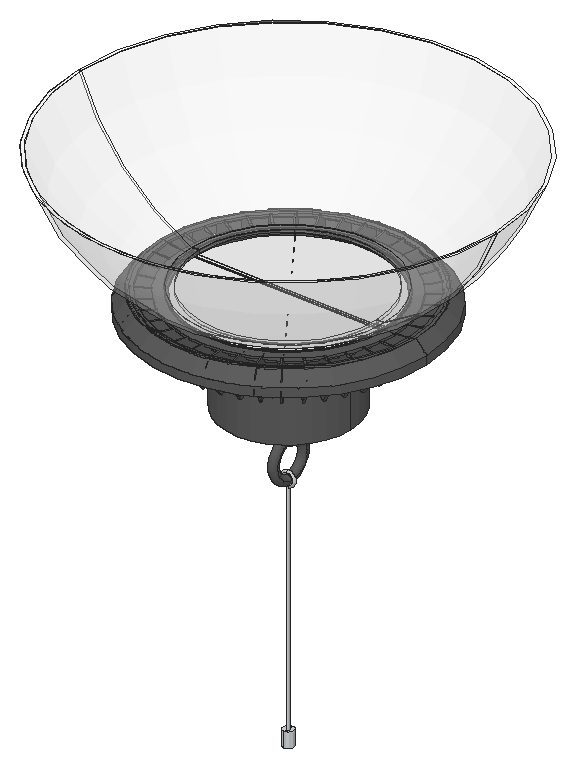
Revit family "0039344+0039358 Feilo Sylvania Lighting Fixture START HIGHBAY 4K 13KLM MEDIUM with PC LAMPSHADE TRANSPARENT 13_19KLM", category Lighting Fixtures, host Face, Revit 2017
Family settings
  Host = Face
  Round Connector Dimension = Use Diameter
  Part Type = Normal
  OmniClass Number = 23.80.70.00
  OmniClass Title = Lighting
  Cut with Voids When Loaded = No
  Light Source = Yes
  Shared = No
  Room Calculation Point = No
Parameters (values of type "0039344+0039358 START HIGHBAY 4K 13KLM MEDIUM PC LAMPSHADE TRANSPARENT 13/19KLM")
  WidthStraight_FEILO = if(SizeS_FEILO, 3 mm, if(SizeM_FEILO, 4 mm, 4.7 mm))  # 3 mm
  WidthRingChamfer_FEILO = if(SizeS_FEILO, 10.3 mm, if(SizeM_FEILO, 11.2 mm, 12.9 mm))  # 10.3 mm
  WidthCurved_FEILO = if(SizeS_FEILO, 17.4 mm, if(SizeM_FEILO, 16.4 mm, 26.2 mm))  # 17.4 mm
  WidthCurvedRing_FEILO = if(SizeS_FEILO, 3 mm, if(SizeM_FEILO, 4 mm, 4.7 mm))  # 3 mm
  WidthBracket_FEILO = 40 mm
  Weight = "3.0 kg"
  Wattage Comments = ""
  Wattage = 100 W
  WarrantyStartDate [instance] = "n/a"
  WarrantyGuarantorParts = "n/a"
  WarrantyDurationUnit = "n/a"
  WarrantyDurationParts = "n/a"
  WarrantyDescription = "n/a"
  built-in parameter 1150110 = 1 (stored number, unit not read)
  Voltage = 230 V
  VisibilityBracket_FEILO = no
  URL = "http://www.sylvania-lighting.com"
  TypeName = "START HIGHBAY 4K 13KLM MEDIUM PC LAMPSHADE TRANSPARENT 13/19KLM"
  Type Image = <None>
  Type Comments = "n/a"
  built-in parameter 1114217 = 1 (stored number, unit not read)
  Tilt Angle = -90.00°
  ThicknessWall_FEILO = 1.5 mm
  ThicknessBracket_FEILO = 1.5 mm
  ThicknessBracketHalf_FEILO = ThicknessBracket_FEILO / 2  # 0.75 mm
  built-in parameter 1150109 = 1 (stored number, unit not read)
  built-in parameter 1150134 = 12
  SuspensionHeight_FEILO [instance] = 400 mm
  built-in parameter 1150113 = 1 (stored number, unit not read)
  SizeS_FEILO = yes
  SizeM_FEILO = no
  ShadeThickness_FEILO = 3 mm
  ShadeSizeSM_FEILO = or(SizeS_FEILO, SizeM_FEILO)  # yes
  ShadeRadiusOut_FEILO = 205 mm
  ShadeRadiusIn_FEILO = if(ShadeSizeSM_FEILO, 95 mm, 121 mm)  # 95 mm
  ShadeRadiusBend_FEILO = if(ShadeSizeSM_FEILO, 210 mm, 210 mm)  # 210 mm
  ShadeHeight_FEILO = if(ShadeSizeSM_FEILO, 120 mm, 151 mm)  # 120 mm
  SerialNumber [instance] = "n/a"
  Rib4_FEILO = if(SizeS_FEILO, 18.1 mm, if(SizeM_FEILO, 13.6 mm, 14.6 mm))  # 18.1 mm
  Rib3_FEILO = if(SizeS_FEILO, 15.3 mm, if(SizeM_FEILO, 17.6 mm, 20.2 mm))  # 15.3 mm
  Rib2_FEILO = if(SizeS_FEILO, 3.6 mm, if(SizeM_FEILO, 3.9 mm, 4.5 mm))  # 3.6 mm
  Rib1_FEILO = if(SizeS_FEILO, 15.1 mm, if(SizeM_FEILO, 16.5 mm, 19 mm))  # 15.1 mm
  RadiusDiffuser_FEILO = if(SizeS_FEILO, 95.2 mm, if(SizeM_FEILO, 105.3 mm, 120 mm))  # 95.2 mm
  RadiusArrayPost_FEILO = DriverRadius_FEILO - 6 mm  # 55.4 mm
  RHRadius3_FEILO = if(SizeS_FEILO, 6.6 mm, if(SizeM_FEILO, 7.4 mm, 8.6 mm))  # 6.6 mm
  RHRadius2_FEILO = if(SizeS_FEILO, 11 mm, if(SizeM_FEILO, 12 mm, 14 mm))  # 11 mm
  RHRadius1_FEILO = if(SizeS_FEILO, 13.6 mm, if(SizeM_FEILO, 14.9 mm, 17.7 mm))  # 13.6 mm
  RHHeight4_FEILO = if(SizeS_FEILO, 7.3 mm, if(SizeM_FEILO, 8 mm, 9.2 mm))  # 7.3 mm
  RHHeight3_FEILO = if(SizeS_FEILO, 3.6 mm, if(SizeM_FEILO, 3.7 mm, 4.6 mm))  # 3.6 mm
  RHHeight2_FEILO = if(SizeS_FEILO, 2 mm, if(SizeM_FEILO, 2.2 mm, 2.6 mm))  # 2 mm
  RHHeight1_FEILO = if(SizeS_FEILO, 11.8 mm, if(SizeM_FEILO, 15.3 mm, 17.4 mm))  # 11.8 mm
  Photometric Web File = "0039344+0039358.ies"
  Material_5_FEILO = Shade-Sylvania-StartHighbay-PC
  Material_3_FEILO = LED-Sylvania-StartHighbay-Glow
  PowerFactor = 0.95
  PowerConsumption = "100 W"
  NominalLength = 270 mm
  NominalHeight = 170 mm
  NominalDepth = 270 mm
  Name = "START HIGHBAY 4K 13KLM MEDIUM PC LAMPSHADE TRANSPARENT 13/19KLM"
  ModelReference = Name  # "START HIGHBAY 4K 13KLM MEDIUM PC LAMPSHADE TRANSPARENT 13/19KLM"
  ModelNumber = "0039344+0039358"
  Model = Name  # "START HIGHBAY 4K 13KLM MEDIUM PC LAMPSHADE TRANSPARENT 13/19KLM"
  Material = "aluminium alloy housing, polycarbonate diffuser"
  ManufacturerName = "Feilo Sylvania"
  Manufacturer = "Feilo Sylvania"
  LuminousEfficacy = "130 lm/W"
  built-in parameter 1150105 = 17571.2 (stored number, unit not read)
  Lumens = 13000 lm
  LuminaireType = ""
  built-in parameter 1150115 = 1 (stored number, unit not read)
  LightOutputRatio = "n/a"
  built-in parameter 1150137 = (empty or 0)
  built-in parameter 1150139 = (empty or 0)
  LampsType = Lamp  # "LED"
  LampNominalLuminous = "13000 lm"
  LampMacAdamStep = "n/a"
  LampColourTemperature = "4000 K"
  LampColourRenderingIndex = "80"
  built-in parameter 1150112 = 1 (stored number, unit not read)
  built-in parameter 1150114 = 1 (stored number, unit not read)
  Lamp = "LED"
  Keynote = "16500"
  InstallationDate [instance] = "n/a"
  InputVoltage = "220-240V~"
  InputNominalFrequency = "50/60 Hz"
  built-in parameter 1150132 = (empty or 0)
  built-in parameter 1150102 = (empty or 0)
  built-in parameter 1150107 = 4000 (stored number, unit not read)
  built-in parameter 1150138 = (empty or 0)
  IngressProtection = "IP65"
  ImpactProtectionIndex = "IK08"
  built-in parameter 1150106 = 175.71 (stored number, unit not read)
  IfcExportType = "IfcLightFixtureType"
  IfcExportAs = "IfcLightFixtureType"
  HeightRing_FEILO = if(SizeS_FEILO, 19.8 mm, if(SizeM_FEILO, 32 mm, 36.8 mm))  # 19.8 mm
  HeightRingChamfer_FEILO = if(SizeS_FEILO, 11.7 mm, if(SizeM_FEILO, 23.2 mm, 26.6 mm))  # 11.7 mm
  EyeThickness_FEILO = if(SizeS_FEILO, 8.4 mm, if(SizeM_FEILO, 9.2 mm, 10.5 mm))  # 8.4 mm
  EyeThicknessHalf_FEILO = EyeThickness_FEILO / 2  # 4.2 mm
  EyeInner_FEILO = if(SizeS_FEILO, 13.8 mm, if(SizeM_FEILO, 15.1 mm, 17.3 mm))  # 13.8 mm
  ExpectedLife = 50000
  Emit from Circle Diameter = RadiusDiffuser_FEILO * 2  # 190.4 mm
  Emit Shape Visible in Rendering = no
  ElectricShockClassification = "Class I"
  built-in parameter 1150104 = 12.077 (stored number, unit not read)
  DurationUnit = "hours"
  DriverVerticalStraight_FEILO = if(SizeS_FEILO, 46.5 mm, if(SizeM_FEILO, 49.7 mm, 57 mm))  # 46.5 mm
  DriverVerticalChamfer_FEILO = if(SizeS_FEILO, 7.5 mm, if(SizeM_FEILO, 8.2 mm, 9.5 mm))  # 7.5 mm
  DriverRadius_FEILO = if(SizeS_FEILO, 61.4 mm, if(SizeM_FEILO, 67.2 mm, 76.4 mm))  # 61.4 mm
  DriverRadiusTop_FEILO = if(SizeS_FEILO, 42 mm, if(SizeM_FEILO, 45.3 mm, 52.4 mm))  # 42 mm
  DriverBottom_FEILO = if(SizeS_FEILO, 56 mm, if(SizeM_FEILO, 64.5 mm, 74 mm))  # 56 mm
  DocumentationLiterature = "http://www.sylvania-lighting.com/product/en-int/products/0039344"
  DimmingControlOptions = "n/a"
  Material_2_FEILO = Diffuser-Sylvania-StartHighbay-Transparent
  Radius_FEILO = if(SizeS_FEILO, 135 mm, if(SizeM_FEILO, 148 mm, 169.5 mm))  # 135 mm
  Dimming Lamp Color Temperature Shift = <None>
  DiameterWire_FEILO = 3 mm
  DiameterWireSupport_FEILO = 10 mm
  Description = "START HIGHBAY, includes 1 m cables, black aluminium housing, 13000LM, 100W, 130lm/W, 4000K, Driver current: 2140mA, CR80, 60° beam angle, 1-10V dimmable,  IP65, IK08, 50,000 hrs (L70B50), (LxWxH) 270x270x170mm"
  Default Elevation = 1219.2 mm
  CreatedOn = "2/28/2018"
  CreatedBy = ""
  Cost = 0
  Color Filter = 16777215
  built-in parameter 1114216 [instance] = (empty or 0)
  ClassificationValue = "EF_70_80"
  ClassificationName = "Uniclass2015"
  Material_1_FEILO = Body-Sylvania-StartHighbay-Black
  BarCode [instance] = "n/a"
  built-in parameter 1114218 = 1 (stored number, unit not read)
  built-in parameter 1150133 = 10 (stored number, unit not read)
  AssetType = "Fixed"
  AssetIdentifier [instance] = "n/a"
  Assembly Code = "D5020200"
  Apparent Load = 100 VA
  Material_4_FEILO = Shade-Sylvania-StartHighbay-PC
Reference planes
  plane 1 "Center (Front/Back)": y = 0
  plane 2: z = 0
  plane 3 "Center (Left/Right)": x = 0
  plane 4: z = 400
  plane 5: x = -135
  plane 6: x = -124.7
  plane 7: z = 388.3
  plane 8: z = 380.2
  plane 9: x = -121.7
  plane 10: z = 397.375
  plane 11: x = -104.3
  plane 12: x = -95.2
  plane 13: x = -118.7
  plane 14: z = 398.375
  plane 15: z = 396.375
  plane 16: x = -92.2
  plane 17: z = 395.375
  plane 18: x = -133.5
  plane 19: x = -119.9
  plane 20: z = 376.6
  plane 21: x = -104.6
  plane 22: z = 358.5
  plane 23: x = -20
  plane 24: z = 344
  plane 25: x = -61.4
  plane 26: z = 297.5
  plane 27: x = -42
  plane 28: z = 290
  plane 29: x = -13.6
  plane 30: z = 278.2
  plane 31: z = 276.2
  plane 32: x = -11
  plane 33: z = 272.6
  plane 34: z = 265.3
  plane 35: x = -6.6
  plane 36: z = 251.5
  plane 37: z = 237.7
  plane 38: x = 4.2
  plane 39: x = -4.2
  plane 40: z = 229.3
  plane 41: z = 233.5
  plane 42: x = -129.1
  plane 43: x = -132.5
  plane 44: z = 378.7
  plane 45: x = -123.2
  plane 46: z = 320.75
  plane 47: y = -20
  plane 48: y = 20
  plane 49: x = 135
  plane 50: x = 124.7
  plane 51: x = 133.5
  plane 52: x = 129.1
  plane 53: x = 132.5
  plane 54: x = 123.2
  plane 55: z = 240.7
  plane 56: y = 1.5
  plane 57: y = -1.5
  plane 58: z = 239.2
  plane 59: z = 227.8
  plane 60: z = 226.3
  plane 61: y = -5
  plane 62: y = 5
  plane 63: z = 14
  plane 64: x = -205
  plane 65: z = 520
  plane 66: x = -95
  plane 67: x = -87
  plane 68: x = -202
  plane 69: z = 403
Forms (mm)
  Revolve 1, solid, material "Body-Sylvania-StartHighbay-Black" <- "Material_1_FEILO", detail levels medium+fine
    sketch origin (0, 0, 0) x (1, 0, 0) y (0, 0, 1)
      loop
        line (-135, 380.2) -> (-133.5, 380.2) -> (-133.5, 387.734) -> (-125.012, 397.375) -> (-118.7, 397.375) -> (-118.7, 399.16)
        arc (-118.7, 399.16) -> (-120.206, 399.56) -> (-121.7, 400) r 58.981
        line (-121.7, 400) -> (-124.241, 400)
        arc (-124.241, 400) -> (-124.657, 399.911) -> (-124.999, 399.66) r 1.015
        line (-124.999, 399.66) -> (-135, 388.3) -> (-135, 380.2)
      axis (0, 400) -> (0, 380.2)
    angle from 360 to 0
  Revolve 2, solid, material "Body-Sylvania-StartHighbay-Black" <- "Material_1_FEILO", detail levels medium+fine
    sketch origin (0, 0, 0) x (1, 0, 0) y (0, 0, 1)
      loop
        line (-104.3, 395.375) -> (-95.2, 395.375) -> (-95.2, 388.3) -> (0, 388.3) -> (0, 395.375) -> (-92.2, 395.375) -> (-92.2, 396.375) -> (-95.2, 396.375) -> (-95.2, 397.375) -> (-104.3, 397.375) -> (-104.3, 395.375)
      axis (0, 397.375) -> (0, 388.3)
    angle from 360 to 0
  Revolve 3, solid, material "Diffuser-Sylvania-StartHighbay-Transparent" <- "Material_2_FEILO", detail levels medium+fine
    sketch origin (0, 0, 0) x (1, 0, 0) y (0, 0, 1)
      loop
        line (-95.2, 396.375) -> (0, 396.375) -> (0, 398.375) -> (-95.2, 398.375) -> (-95.2, 396.375)
      axis (0, 398.375) -> (0, 396.375)
    angle from 360 to 0
  Revolve 4, solid, material "Body-Sylvania-StartHighbay-Black" <- "Material_1_FEILO"
    sketch origin (0, 0, 0) x (1, 0, 0) y (0, 0, 1)
      loop
        line (-61.4, 358.5) -> (-61.4, 297.5) -> (-42, 290) -> (-13.6, 290) -> (-13.6, 278.2) -> (-11, 276.2) -> (-11, 272.6) -> (-7.037, 266.026)
        arc (-7.037, 266.026) -> (-6.49, 265.494) -> (-5.753, 265.3) r 1.5
        line (-5.753, 265.3) -> (0, 265.3) -> (0, 358.5) -> (-61.4, 358.5)
      axis (0, 358.5) -> (0, 265.3)
    angle from 360 to 0
  Revolve 5, solid, material "Body-Sylvania-StartHighbay-Black" <- "Material_1_FEILO"
    sketch origin (0, 0, 0) x (1, 0, 0) y (0, 0, 1)
      loop
        circle (0, 233.5) r 4.2
      axis (4.2, 251.5) -> (-4.2, 251.5)
    angle from 360 to 0
  Extrusion 6, solid, material "Body-Sylvania-StartHighbay-Black" <- "Material_1_FEILO", visible <- "VisibilityBracket_FEILO"
    sketch origin (0, 0, 0) x (1, 0, 0) y (0, 0, 1)
      loop
        line (-132.5, 380.2) -> (-132.5, 378.7) -> (-125.45, 378.7)
        arc (-125.45, 378.7) -> (-124.92, 378.48) -> (-124.7, 377.95) r 0.75
        line (-124.7, 377.95) -> (-124.7, 320.75) -> (-123.2, 320.75) -> (-123.2, 378.7)
        arc (-123.2, 378.7) -> (-123.639, 379.761) -> (-124.7, 380.2) r 1.5
        line (-124.7, 380.2) -> (-132.5, 380.2)
      loop
        line (132.5, 380.2) -> (124.7, 380.2)
        arc (124.7, 380.2) -> (123.639, 379.761) -> (123.2, 378.7) r 1.5
        line (123.2, 378.7) -> (123.2, 320.75) -> (124.7, 320.75) -> (124.7, 377.95)
        arc (124.7, 377.95) -> (124.92, 378.48) -> (125.45, 378.7) r 0.75
        line (125.45, 378.7) -> (132.5, 378.7) -> (132.5, 380.2)
    from -20 to 20
  Extrusion 7, void
    sketch origin (0, 0, 0) x (0, 1, 0) y (0, 0, 1)
      loop
        arc (-10, 320.75) -> (-17.071, 323.679) -> (-20, 330.75) r 10
        line (-20, 330.75) -> (-25, 330.75) -> (-25, 315.75) -> (-10, 315.75) -> (-10, 320.75)
      loop
        line (10, 320.75) -> (10, 315.75) -> (25, 315.75) -> (25, 330.75) -> (20, 330.75)
        arc (20, 330.75) -> (17.071, 323.679) -> (10, 320.75) r 10
    from -124.7 to 124.7
  Revolve 8, solid, material "Body-Sylvania-StartHighbay-Black" <- "Material_1_FEILO", detail levels coarse
    sketch origin (0, 0, 0) x (1, 0, 0) y (0, 0, 1)
      loop
        line (0, 400) -> (-124.7, 400) -> (-135, 388.3) -> (-135, 380.2) -> (-119.9, 380.2) -> (-119.9, 376.6) -> (-104.6, 358.5) -> (0, 358.5) -> (0, 400)
      axis (0, 400) -> (0, 358.5)
    angle from 360 to 0
  Revolve 9, solid
    sketch origin (0, 0, 0) x (0, 1, 0) y (0, 0, 1)
      loop
        circle (0, 239.2) r 1.5
      axis (1.5, 233.5) -> (-1.5, 233.5)
    angle from 360 to 0
  Revolve 10, solid
    sketch origin (0, 0, 0) x (0, 1, 0) y (0, 0, 1)
      loop
        line (0, 0) -> (0, 227.8) -> (-1.5, 227.8) -> (-1.5, 14) -> (-5, 14) -> (-5, 0) -> (0, 0)
      axis (0, 0) -> (0, 227.8)
    angle from 360 to 0
  Revolve 11, solid, material "Shade-Sylvania-StartHighbay-PC" <- "Material_4_FEILO"
    sketch origin (0, 0, 0) x (1, 0, 0) y (0, 0, 1)
      loop
        line (-95, 400) -> (-87, 400) -> (-87, 403) -> (-94.341, 403)
        arc (-94.341, 403) -> (-159.747, 450.78) -> (-201.81, 520) r 207
        line (-201.81, 520) -> (-205, 520)
        arc (-205, 520) -> (-162.101, 448.908) -> (-95, 400) r 210
      axis (0, 520) -> (0, 400)
    angle from 360 to 0
Cuts and joins
  Extrusion 7 cuts Extrusion 6
Lines and regions (mm)
  reference lines
    curve 1: line (-135, 0, 388.3) -> (-124.7, 0, 400)
    curve 2: line (-104.3, 0, 397.375) -> (0, 0, 397.375)
    curve 3: arc (-104.3, 0, 397.375) -> (-113.098, 0, 398.035) -> (-121.7, 0, 400) r 58.981
    curve 4: line (-124.7, 0, 400) -> (-121.7, 0, 400)
    curve 5: line (-125.012, 0, 397.375) -> (-133.5, 0, 387.734)
    curve 6: line (-119.9, 0, 376.6) -> (-104.6, 0, 358.5)
    curve 7: line (-11, 0, 272.6) -> (-6.6, 0, 265.3)
    curve 8: circle (0, 0, 233.5) r 4.2 normal (0, -1, 0)
    curve 9: arc (-95, 0, 400) -> (-162.101, 0, 448.908) -> (-205, 0, 520) r 210
Dimensions and locks
  "Radius_FEILO": plane 3 "Center (Left/Right)" to plane 5
  "WidthRingChamfer_FEILO": plane 6 to plane 5
  "WidthStraight_FEILO": plane 9 to plane 6
  "WidthCurvedRing_FEILO": plane 13 to plane 9
  locked: plane 10 to plane 15 at 1
  locked: plane 14 to plane 10 at 1
  locked: plane 4 to plane 10 at 2.625
  locked: plane 15 to plane 17 at 1
  "ThicknessWall_FEILO": plane 18 to plane 5
  "ThicknessWall_FEILO": curve 5 to curve 1
  "HeightRingChamfer_FEILO": plane 4 to plane 7
  "HeightRing_FEILO": plane 4 to plane 8
  "RadiusDiffuser_FEILO": plane 3 "Center (Left/Right)" to plane 12
  locked: plane 16 to plane 12 at 3
  "WidthCurved_FEILO": plane 11 to plane 9
  "SuspensionHeight_FEILO": plane 4 to plane 2
  "Rib1_FEILO": plane 19 to plane 5
  "Rib2_FEILO": plane 8 to plane 20
  "Rib3_FEILO": plane 21 to plane 19
  "Rib4_FEILO": plane 20 to plane 22
  locked: plane 3 "Center (Left/Right)" to plane 23 at 20
  "DriverBottom_FEILO": plane 4 to plane 24
  "DriverRadius_FEILO": plane 3 "Center (Left/Right)" to plane 25
  "DriverVerticalStraight_FEILO": plane 24 to plane 26
  "DriverRadiusTop_FEILO": plane 3 "Center (Left/Right)" to plane 27
  "DriverVerticalChamfer_FEILO": plane 26 to plane 28
  "RHRadius1_FEILO": plane 3 "Center (Left/Right)" to plane 29
  "RHHeight2_FEILO": plane 30 to plane 31
  "RHRadius2_FEILO": plane 3 "Center (Left/Right)" to plane 32
  "RHHeight3_FEILO": plane 31 to plane 33
  "RHHeight4_FEILO": plane 33 to plane 34
  "RHRadius3_FEILO": plane 3 "Center (Left/Right)" to plane 35
  "RHHeight1_FEILO": plane 28 to plane 30
  "EyeInner_FEILO": plane 34 to plane 36
  "EyeInner_FEILO": plane 36 to plane 37
  equal spacing: plane 38, plane 3 "Center (Left/Right)", plane 39
  "EyeThickness_FEILO": plane 38 to plane 39
  "EyeThickness_FEILO": plane 37 to plane 40
  equal spacing: plane 37, plane 41, plane 40
  equal spacing: plane 6, plane 42, plane 18
  "ThicknessBracket_FEILO": plane 45 to plane 6
  "ThicknessBracket_FEILO": plane 8 to plane 44
  locked: plane 43 to plane 18 at 1
  equal spacing: plane 24, plane 46, plane 26
  equal spacing: plane 47, plane 1 "Center (Front/Back)", plane 48
  "WidthBracket_FEILO": plane 47 to plane 48
  "WidthRingChamfer_FEILO": plane 50 to plane 49
  "ThicknessWall_FEILO": plane 51 to plane 49
  equal spacing: plane 50, plane 52, plane 51
  "ThicknessBracket_FEILO": plane 54 to plane 50
  locked: plane 53 to plane 51 at 1
  "Radius_FEILO": plane 49 to plane 3 "Center (Left/Right)"
  equal spacing: plane 57, imposter light, plane 56
  "DiameterWire_FEILO": plane 57 to plane 56
  "DiameterWire_FEILO": plane 37 to plane 55
  equal spacing: plane 37, plane 58, plane 55
  "DiameterWire_FEILO": plane 60 to plane 40
  equal spacing: plane 60, plane 59, plane 40
  equal spacing: plane 61, plane 1 "Center (Front/Back)", plane 62
  "DiameterWireSupport_FEILO": plane 61 to plane 62
  locked: plane 63 to plane 2 at 14
  "ShadeRadiusOut_FEILO": plane 3 "Center (Left/Right)" to plane 64
  "ShadeHeight_FEILO": plane 65 to plane 4
  "ShadeRadiusIn_FEILO": plane 3 "Center (Left/Right)" to plane 66
  locked: plane 67 to plane 66 at 8
  "ShadeThickness_FEILO": plane 69 to plane 4
  "ShadeThickness_FEILO": plane 68 to plane 64
  "EyeThicknessHalf_FEILO": radius of curve 8
  "ThicknessBracket_FEILO": radius of Extrusion 6 sketch curve  (x2)
  "ThicknessBracketHalf_FEILO": radius of Extrusion 6 sketch curve  (x2)
  "DiameterWire_FEILO": diameter of Revolve 9 sketch curve
  "ShadeRadiusBend_FEILO": radius of curve 9
  aligned and locked: plane 2 to host face
  aligned and locked: level to host face
  aligned and locked: plane 5 to curve 1
  aligned and locked: plane 6 to curve 1
  aligned and locked: plane 7 to curve 1
  aligned and locked: plane 10 to curve 2
  aligned and locked: plane 9 to curve 3
  aligned and locked: plane 4 to curve 3
  aligned and locked: plane 11 to curve 3
  aligned and locked: plane 4 to curve 4
  aligned and locked: plane 18 to curve 5
  aligned and locked: plane 10 to curve 5
  aligned and locked: Revolve 1 sketch curve to plane 3 "Center (Left/Right)"
  aligned and locked: Revolve 1 sketch curve to curve 3
  aligned and locked: Revolve 1 sketch curve to curve 1
  aligned and locked: plane 4 to Revolve 1 sketch curve
  aligned and locked: plane 9 to Revolve 1 sketch curve
  aligned and locked: Revolve 1 sketch curve to plane 13
  aligned and locked: Revolve 1 sketch curve to plane 10
  aligned and locked: plane 13 to Revolve 1 sketch curve
  aligned and locked: plane 10 to Revolve 1 sketch curve
  aligned and locked: Revolve 1 sketch curve to plane 18
  aligned and locked: Revolve 1 sketch curve to plane 8
  aligned and locked: plane 5 to Revolve 1 sketch curve  (x2)
  aligned and locked: Revolve 2 sketch curve to plane 3 "Center (Left/Right)"
  aligned and locked: plane 11 to Revolve 2 sketch curve
  aligned and locked: Revolve 2 sketch curve to curve 2
  aligned and locked: plane 15 to Revolve 2 sketch curve
  aligned and locked: Revolve 2 sketch curve to plane 16
  aligned and locked: plane 17 to Revolve 2 sketch curve  (x2)
  aligned and locked: Revolve 2 sketch curve to plane 12
  aligned and locked: plane 7 to Revolve 2 sketch curve
  aligned and locked: Revolve 3 sketch curve to plane 3 "Center (Left/Right)"
  aligned and locked: Revolve 3 sketch curve to plane 14
  aligned and locked: plane 3 "Center (Left/Right)" to Revolve 3 sketch curve
  aligned and locked: Revolve 3 sketch curve to plane 12
  aligned and locked: plane 15 to Revolve 3 sketch curve
  aligned and locked: Revolve 1 sketch curve to curve 5
  aligned and locked: plane 22 to curve 6
  aligned and locked: plane 21 to curve 6
  aligned and locked: plane 20 to curve 6
  aligned and locked: plane 19 to curve 6
  aligned and locked: plane 33 to curve 7
  aligned and locked: plane 32 to curve 7
  aligned and locked: plane 35 to curve 7
  aligned and locked: plane 34 to curve 7
  aligned and locked: Revolve 4 sketch curve to plane 3 "Center (Left/Right)"
  aligned and locked: Revolve 4 sketch curve to plane 25
  aligned and locked: plane 27 to Revolve 4 sketch curve
  aligned and locked: plane 28 to Revolve 4 sketch curve
  aligned and locked: plane 30 to Revolve 4 sketch curve
  aligned and locked: Revolve 4 sketch curve to plane 29
  aligned and locked: plane 31 to Revolve 4 sketch curve
  aligned and locked: Revolve 4 sketch curve to curve 7
  aligned and locked: Revolve 4 sketch curve to plane 32
  aligned and locked: plane 34 to Revolve 4 sketch curve
  aligned and locked: plane 3 "Center (Left/Right)" to Revolve 4 sketch curve
  aligned and locked: plane 3 "Center (Left/Right)" to curve 8
  aligned and locked: plane 41 to curve 8
  aligned and locked: Revolve 5 sketch curve to plane 36
  aligned and locked: Revolve 5 sketch curve to curve 8
  aligned and locked: plane 43 to Extrusion 6 sketch curve  (x2)
  aligned and locked: plane 8 to Extrusion 6 sketch curve  (x3)
  aligned and locked: Extrusion 6 sketch curve to plane 45
  aligned and locked: Extrusion 6 sketch curve to plane 46  (x2)
  aligned and locked: plane 6 to Extrusion 6 sketch curve
  aligned and locked: Extrusion 6 sketch curve to plane 44  (x2)
  aligned and locked: Extrusion 6 to plane 48
  aligned and locked: plane 47 to Extrusion 6
  aligned and locked: plane 53 to Extrusion 6 sketch curve
  aligned and locked: plane 50 to Extrusion 6 sketch curve
  aligned and locked: Extrusion 6 sketch curve to plane 54
  aligned and locked: Extrusion 7 sketch curve to Extrusion 7 sketch curve
  aligned and locked: Extrusion 7 to plane 6
  aligned and locked: Extrusion 7 to Extrusion 6
  aligned and locked: Revolve 4 sketch curve to plane 22
  aligned and locked: plane 23 to nested 1
  aligned and locked: plane 1 "Center (Front/Back)" to nested 1
  aligned and locked: Revolve 8 sketch curve to plane 3 "Center (Left/Right)"
  aligned and locked: Revolve 8 sketch curve to plane 4
  aligned and locked: plane 6 to Revolve 8 sketch curve
  aligned and locked: plane 4 to Revolve 8 sketch curve
  aligned and locked: plane 7 to Revolve 8 sketch curve
  aligned and locked: Revolve 8 sketch curve to plane 5
  aligned and locked: plane 8 to Revolve 8 sketch curve  (x2)
  aligned and locked: Revolve 8 sketch curve to plane 19
  aligned and locked: plane 20 to Revolve 8 sketch curve
  aligned and locked: plane 19 to Revolve 8 sketch curve
  aligned and locked: plane 21 to Revolve 8 sketch curve
  aligned and locked: plane 22 to Revolve 8 sketch curve  (x2)
  aligned and locked: Revolve 8 sketch curve to Revolve 8 sketch curve
  aligned and locked: imposter light to plane 4
  aligned and locked: plane 3 "Center (Left/Right)" to imposter light
  aligned and locked: imposter light to plane 1 "Center (Front/Back)"
  aligned and locked: Revolve 9 sketch curve to plane 41
  aligned and locked: Revolve 10 sketch curve to plane 1 "Center (Front/Back)"
  aligned and locked: plane 1 "Center (Front/Back)" to Revolve 10 sketch curve  (x2)
  aligned and locked: host face to Revolve 10 sketch curve
  aligned and locked: plane 63 to Revolve 10 sketch curve
  aligned and locked: Revolve 10 sketch curve to plane 61
  aligned and locked: Revolve 10 sketch curve to plane 57
  aligned and locked: plane 59 to Revolve 10 sketch curve
  aligned and locked: plane 64 to curve 9
  aligned and locked: plane 65 to curve 9
  aligned and locked: plane 66 to curve 9
  aligned and locked: plane 4 to curve 9
  aligned and locked: Revolve 11 sketch curve to curve 9
  aligned and locked: plane 67 to Revolve 11 sketch curve
  aligned and locked: plane 66 to Revolve 11 sketch curve
  aligned and locked: plane 65 to Revolve 11 sketch curve  (x2)
  aligned and locked: Revolve 11 sketch curve to plane 67
  aligned and locked: plane 69 to Revolve 11 sketch curve
Automatic sketch dimensions
  host sketch curve to host sketch curve = 2438.4 mm  (x2)
  Revolve 1 sketch curve to plane 6 = 0.299 mm
  plane 6 to Revolve 1 sketch curve = 0.459 mm
  Revolve 1 sketch curve to level = 609.6 mm
  Revolve 1 sketch curve to Revolve 1 sketch curve = 2312.223 mm
  Revolve 2 sketch curve to plane 12 = 0 mm
  Revolve 2 sketch curve to plane 3 "Center (Left/Right)" = 0 mm
  Revolve 2 sketch curve to level = 609.6 mm
  Revolve 2 sketch curve to plane 4 = 2339.058 mm
  Revolve 3 sketch curve to level = 609.6 mm
  Revolve 3 sketch curve to plane 4 = 2339.058 mm
  Revolve 5 sketch curve to plane 5 = 1080 mm
  plane 38 to Revolve 5 sketch curve = 1219.2 mm
  Extrusion 7 sketch curve to plane 47 = 0 mm
  plane 46 to Extrusion 7 sketch curve = 0 mm  (x2)
  Extrusion 7 sketch curve to plane 48 = 0 mm
  plane 47 to Extrusion 7 sketch curve = 5 mm
  plane 1 "Center (Front/Back)" to Extrusion 7 sketch curve = 10 mm
  Extrusion 7 sketch curve to Extrusion 7 sketch curve = 10 mm
  plane 46 to Extrusion 7 sketch curve = 5 mm
  Extrusion 7 sketch curve to Extrusion 7 sketch curve = 5 mm
  Extrusion 7 sketch curve to plane 48 = 5 mm
  Revolve 4 sketch curve to plane 26 = 0 mm
  Revolve 4 sketch curve to plane 35 = 0.437 mm
  plane 35 to Revolve 4 sketch curve = 0.847 mm
  Revolve 4 sketch curve to plane 34 = 0.726 mm
  plane 40 to Revolve 4 sketch curve = 590.2 mm
  Revolve 4 sketch curve to plane 4 = 2339.058 mm
  Revolve 8 sketch curve to level = 609.6 mm
  Revolve 8 sketch curve to Revolve 8 sketch curve = 2386.058 mm
  Revolve 9 sketch curve to plane 1 "Center (Front/Back)" = 0 mm
  plane 58 to Revolve 9 sketch curve = 0 mm
  plane 47 to Revolve 9 sketch curve = 2534.941 mm
  Revolve 9 sketch curve to plane 48 = 2077.409 mm
  Revolve 10 sketch curve to Revolve 10 sketch curve = 609.6 mm
  Revolve 10 sketch curve to plane 4 = 2123.807 mm
  curve 2 to plane 3 "Center (Left/Right)" = 0 mm
  Revolve 11 sketch curve to Revolve 11 sketch curve = 0 mm  (x2)
  Revolve 11 sketch curve to plane 3 "Center (Left/Right)" = 0 mm
  plane 66 to Revolve 11 sketch curve = 0.659 mm
  Revolve 11 sketch curve to level = 609.6 mm
  Revolve 11 sketch curve to Revolve 11 sketch curve = 2068.248 mm
Nested families
  nested 1: "Start Highbay Rib" at (0, 0, 397.375), type "Type Name", detail levels medium+fine
    with SuspensionHeight_FEILO 2.6 mm
  nested 2: "Start Highbay Rib" at (0, 0, 397.375) x (0.9877, 0.1564, 0) z (0, 0, 1), type "Type Name", detail levels medium+fine
    with SuspensionHeight_FEILO 2.6 mm
  nested 3: "Start Highbay Rib" at (0, 0, 397.375) x (0.9511, 0.309, 0) z (0, 0, 1), type "Type Name", detail levels medium+fine
    with SuspensionHeight_FEILO 2.6 mm
  nested 4: "Start Highbay Rib" at (0, 0, 397.375) x (0.891, 0.454, 0) z (0, 0, 1), type "Type Name", detail levels medium+fine
    with SuspensionHeight_FEILO 2.6 mm
  nested 5: "Start Highbay Rib" at (0, 0, 397.375) x (0.809, 0.5878, 0) z (0, 0, 1), type "Type Name", detail levels medium+fine
    with SuspensionHeight_FEILO 2.6 mm
  nested 6: "Start Highbay Rib" at (0, 0, 397.375) x (0.7071, 0.7071, 0) z (0, 0, 1), type "Type Name", detail levels medium+fine
    with SuspensionHeight_FEILO 2.6 mm
  nested 7: "Start Highbay Rib" at (0, 0, 397.375) x (0.5878, 0.809, 0) z (0, 0, 1), type "Type Name", detail levels medium+fine
    with SuspensionHeight_FEILO 2.6 mm
  nested 8: "Start Highbay Rib" at (0, 0, 397.375) x (0.454, 0.891, 0) z (0, 0, 1), type "Type Name", detail levels medium+fine
    with SuspensionHeight_FEILO 2.6 mm
  nested 9: "Start Highbay Rib" at (0, 0, 397.375) x (0.309, 0.9511, 0) z (0, 0, 1), type "Type Name", detail levels medium+fine
    with SuspensionHeight_FEILO 2.6 mm
  nested 10: "Start Highbay Rib" at (0, 0, 397.375) x (0.1564, 0.9877, 0) z (0, 0, 1), type "Type Name", detail levels medium+fine
    with SuspensionHeight_FEILO 2.6 mm
  nested 11: "Start Highbay Rib" at (0, 0, 397.375) x (0, 1, 0) z (0, 0, 1), type "Type Name", detail levels medium+fine
    with SuspensionHeight_FEILO 2.6 mm
  nested 12: "Start Highbay Rib" at (0, 0, 397.375) x (-0.1564, 0.9877, 0) z (0, 0, 1), type "Type Name", detail levels medium+fine
    with SuspensionHeight_FEILO 2.6 mm
  nested 13: "Start Highbay Rib" at (0, 0, 397.375) x (-0.309, 0.9511, 0) z (0, 0, 1), type "Type Name", detail levels medium+fine
    with SuspensionHeight_FEILO 2.6 mm
  nested 14: "Start Highbay Rib" at (0, 0, 397.375) x (-0.454, 0.891, 0) z (0, 0, 1), type "Type Name", detail levels medium+fine
    with SuspensionHeight_FEILO 2.6 mm
  nested 15: "Start Highbay Rib" at (0, 0, 397.375) x (-0.5878, 0.809, 0) z (0, 0, 1), type "Type Name", detail levels medium+fine
    with SuspensionHeight_FEILO 2.6 mm
  nested 16: "Start Highbay Rib" at (0, 0, 397.375) x (-0.7071, 0.7071, 0) z (0, 0, 1), type "Type Name", detail levels medium+fine
    with SuspensionHeight_FEILO 2.6 mm
  nested 17: "Start Highbay Rib" at (0, 0, 397.375) x (-0.809, 0.5878, 0) z (0, 0, 1), type "Type Name", detail levels medium+fine
    with SuspensionHeight_FEILO 2.6 mm
  nested 18: "Start Highbay Rib" at (0, 0, 397.375) x (-0.891, 0.454, 0) z (0, 0, 1), type "Type Name", detail levels medium+fine
    with SuspensionHeight_FEILO 2.6 mm
  nested 19: "Start Highbay Rib" at (0, 0, 397.375) x (-0.9511, 0.309, 0) z (0, 0, 1), type "Type Name", detail levels medium+fine
    with SuspensionHeight_FEILO 2.6 mm
  nested 20: "Start Highbay Rib" at (0, 0, 397.375) x (-0.9877, 0.1564, 0) z (0, 0, 1), type "Type Name", detail levels medium+fine
    with SuspensionHeight_FEILO 2.6 mm
  nested 21: "Start Highbay Rib" at (0, 0, 397.375) x (-1, 0, 0) z (0, 0, 1), type "Type Name", detail levels medium+fine
    with SuspensionHeight_FEILO 2.6 mm
  nested 22: "Start Highbay Rib" at (0, 0, 397.375) x (-0.9877, -0.1564, 0) z (0, 0, 1), type "Type Name", detail levels medium+fine
    with SuspensionHeight_FEILO 2.6 mm
  nested 23: "Start Highbay Rib" at (0, 0, 397.375) x (-0.9511, -0.309, 0) z (0, 0, 1), type "Type Name", detail levels medium+fine
    with SuspensionHeight_FEILO 2.6 mm
  nested 24: "Start Highbay Rib" at (0, 0, 397.375) x (-0.891, -0.454, 0) z (0, 0, 1), type "Type Name", detail levels medium+fine
    with SuspensionHeight_FEILO 2.6 mm
  nested 25: "Start Highbay Rib" at (0, 0, 397.375) x (-0.809, -0.5878, 0) z (0, 0, 1), type "Type Name", detail levels medium+fine
    with SuspensionHeight_FEILO 2.6 mm
  nested 26: "Start Highbay Rib" at (0, 0, 397.375) x (-0.7071, -0.7071, 0) z (0, 0, 1), type "Type Name", detail levels medium+fine
    with SuspensionHeight_FEILO 2.6 mm
  nested 27: "Start Highbay Rib" at (0, 0, 397.375) x (-0.5878, -0.809, 0) z (0, 0, 1), type "Type Name", detail levels medium+fine
    with SuspensionHeight_FEILO 2.6 mm
  nested 28: "Start Highbay Rib" at (0, 0, 397.375) x (-0.454, -0.891, 0) z (0, 0, 1), type "Type Name", detail levels medium+fine
    with SuspensionHeight_FEILO 2.6 mm
  nested 29: "Start Highbay Rib" at (0, 0, 397.375) x (-0.309, -0.9511, 0) z (0, 0, 1), type "Type Name", detail levels medium+fine
    with SuspensionHeight_FEILO 2.6 mm
  nested 30: "Start Highbay Rib" at (0, 0, 397.375) x (-0.1564, -0.9877, 0) z (0, 0, 1), type "Type Name", detail levels medium+fine
    with SuspensionHeight_FEILO 2.6 mm
  nested 31: "Start Highbay Rib" at (0, 0, 397.375) x (0, -1, 0) z (0, 0, 1), type "Type Name", detail levels medium+fine
    with SuspensionHeight_FEILO 2.6 mm
  nested 32: "Start Highbay Rib" at (0, 0, 397.375) x (0.1564, -0.9877, 0) z (0, 0, 1), type "Type Name", detail levels medium+fine
    with SuspensionHeight_FEILO 2.6 mm
  nested 33: "Start Highbay Rib" at (0, 0, 397.375) x (0.309, -0.9511, 0) z (0, 0, 1), type "Type Name", detail levels medium+fine
    with SuspensionHeight_FEILO 2.6 mm
  nested 34: "Start Highbay Rib" at (0, 0, 397.375) x (0.454, -0.891, 0) z (0, 0, 1), type "Type Name", detail levels medium+fine
    with SuspensionHeight_FEILO 2.6 mm
  nested 35: "Start Highbay Rib" at (0, 0, 397.375) x (0.5878, -0.809, 0) z (0, 0, 1), type "Type Name", detail levels medium+fine
    with SuspensionHeight_FEILO 2.6 mm
  nested 36: "Start Highbay Rib" at (0, 0, 397.375) x (0.7071, -0.7071, 0) z (0, 0, 1), type "Type Name", detail levels medium+fine
    with SuspensionHeight_FEILO 2.6 mm
  nested 37: "Start Highbay Rib" at (0, 0, 397.375) x (0.809, -0.5878, 0) z (0, 0, 1), type "Type Name", detail levels medium+fine
    with SuspensionHeight_FEILO 2.6 mm
  nested 38: "Start Highbay Rib" at (0, 0, 397.375) x (0.891, -0.454, 0) z (0, 0, 1), type "Type Name", detail levels medium+fine
    with SuspensionHeight_FEILO 2.6 mm
  nested 39: "Start Highbay Rib" at (0, 0, 397.375) x (0.9511, -0.309, 0) z (0, 0, 1), type "Type Name", detail levels medium+fine
    with SuspensionHeight_FEILO 2.6 mm
  nested 40: "Start Highbay Rib" at (0, 0, 397.375) x (0.9877, -0.1564, 0) z (0, 0, 1), type "Type Name", detail levels medium+fine
    with SuspensionHeight_FEILO 2.6 mm
Connectors
  electrical at (0, 0, 0), driven by "Apparent Load", driven by "PowerFactor", driven by "Voltage"
    settings: index 1, voltage 230 V, apparent load 100 VA, apparent load phase1 0 VA, apparent load phase2 0 VA, apparent load phase3 0 VA, power factor 0.95, load classification "Lighting", number of poles 1, system type 30, power factor state 1, is connector primary yes, connector utility no, sub classification motor no, connector description ""
Definition of nested family "Start Highbay Rib"
  Parameters (values of type "Type Name")
    WidthStraight_FEILO = if(SizeS_FEILO, 3 mm, if(SizeM_FEILO, 4 mm, 4.7 mm))  # 3 mm
    WidthRingChamfer_FEILO = if(SizeS_FEILO, 10.3 mm, if(SizeM_FEILO, 11.2 mm, 12.9 mm))  # 10.3 mm
    WidthCurved_FEILO = if(SizeS_FEILO, 17.4 mm, if(SizeM_FEILO, 16.4 mm, 26.2 mm))  # 17.4 mm
    WidthCurvedRing_FEILO = if(SizeS_FEILO, 3 mm, if(SizeM_FEILO, 4 mm, 4.7 mm))  # 3 mm
    WidthBracket_FEILO = 40 mm
    URL = "http://www.feilosylvania.com"
    Type Image = (empty or 0)
    Type Comments = "n/a"
    ThicknessWall_FEILO = 1.5 mm
    ThicknessBracket_FEILO = 1.5 mm
    ThicknessBracketHalf_FEILO = ThicknessBracket_FEILO / 2  # 0.75 mm
    SuspensionHeight_FEILO [instance] = 2.6 mm
    SizeS_FEILO = yes
    SizeM_FEILO = no
    Rib4_FEILO = if(SizeS_FEILO, 18.1 mm, if(SizeM_FEILO, 13.6 mm, 14.6 mm))  # 18.1 mm
    Rib3_FEILO = if(SizeS_FEILO, 15.3 mm, if(SizeM_FEILO, 17.6 mm, 20.2 mm))  # 15.3 mm
    Rib2_FEILO = if(SizeS_FEILO, 3.6 mm, if(SizeM_FEILO, 3.9 mm, 4.5 mm))  # 3.6 mm
    Rib1_FEILO = if(SizeS_FEILO, 15.1 mm, if(SizeM_FEILO, 16.5 mm, 19 mm))  # 15.1 mm
    RadiusRib_FEILO = 2 mm
    RadiusDiffuser_FEILO = if(SizeS_FEILO, 95.2 mm, if(SizeM_FEILO, 105.3 mm, 120 mm))  # 95.2 mm
    RHRadius3_FEILO = if(SizeS_FEILO, 6.6 mm, if(SizeM_FEILO, 7.4 mm, 8.6 mm))  # 6.6 mm
    RHRadius2_FEILO = if(SizeS_FEILO, 11 mm, if(SizeM_FEILO, 12 mm, 14 mm))  # 11 mm
    RHRadius1_FEILO = if(SizeS_FEILO, 13.6 mm, if(SizeM_FEILO, 14.9 mm, 17.7 mm))  # 13.6 mm
    RHHeight4_FEILO = if(SizeS_FEILO, 7.3 mm, if(SizeM_FEILO, 8 mm, 9.2 mm))  # 7.3 mm
    RHHeight3_FEILO = if(SizeS_FEILO, 3.6 mm, if(SizeM_FEILO, 3.7 mm, 4.6 mm))  # 3.6 mm
    RHHeight2_FEILO = if(SizeS_FEILO, 2 mm, if(SizeM_FEILO, 2.2 mm, 2.6 mm))  # 2 mm
    RHHeight1_FEILO = if(SizeS_FEILO, 11.8 mm, if(SizeM_FEILO, 15.3 mm, 17.4 mm))  # 11.8 mm
    Material_3_FEILO = none
    Model = ""
    Manufacturer = "Feilo Sylvania"
    Keynote = "16500"
    HeightRing_FEILO = if(SizeS_FEILO, 19.8 mm, if(SizeM_FEILO, 32 mm, 36.8 mm))  # 19.8 mm
    HeightRingChamfer_FEILO = if(SizeS_FEILO, 11.7 mm, if(SizeM_FEILO, 23.2 mm, 26.6 mm))  # 11.7 mm
    EyeThickness_FEILO = if(SizeS_FEILO, 8.4 mm, if(SizeM_FEILO, 9.2 mm, 10.5 mm))  # 8.4 mm
    EyeThicknessHalf_FEILO = EyeThickness_FEILO / 2  # 4.2 mm
    EyeInner_FEILO = if(SizeS_FEILO, 13.8 mm, if(SizeM_FEILO, 15.1 mm, 17.3 mm))  # 13.8 mm
    DriverVerticalStraight_FEILO = if(SizeS_FEILO, 46.5 mm, if(SizeM_FEILO, 49.7 mm, 57 mm))  # 46.5 mm
    DriverVerticalChamfer_FEILO = if(SizeS_FEILO, 7.5 mm, if(SizeM_FEILO, 8.2 mm, 9.5 mm))  # 7.5 mm
    DriverRadius_FEILO = if(SizeS_FEILO, 61.4 mm, if(SizeM_FEILO, 67.2 mm, 76.4 mm))  # 61.4 mm
    DriverRadiusTop_FEILO = if(SizeS_FEILO, 42 mm, if(SizeM_FEILO, 45.3 mm, 52.4 mm))  # 42 mm
    DriverBottom_FEILO = if(SizeS_FEILO, 56 mm, if(SizeM_FEILO, 64.5 mm, 74 mm))  # 56 mm
    Material_2_FEILO = none
    Radius_FEILO = if(SizeS_FEILO, 135 mm, if(SizeM_FEILO, 148 mm, 169.5 mm))  # 135 mm
    Description = ""
    Default Elevation = 1219.2 mm
    Cost = 0
    Material_1_FEILO = none
    Assembly Code = "D5020200"
    Material_4_FEILO = none
  Reference planes
    plane 1 "Center (Front/Back)": y = 0
    plane 2: z = 0
    plane 3 "Center (Left/Right)": x = 0
    plane 4: z = 2.6
    plane 5: x = -135
    plane 6: x = -124.7
    plane 7: z = -9.1
    plane 8: z = -17.2
    plane 9: x = -121.7
    plane 10: z = -0.025
    plane 11: x = -104.3
    plane 12: x = -95.2
    plane 13: x = -118.7
    plane 14: z = 0.975
    plane 15: z = -1.025
    plane 16: x = -92.2
    plane 17: z = -2.025
    plane 18: x = -133.5
    plane 19: x = -119.9
    plane 20: z = -20.8
    plane 21: x = -104.6
    plane 22: z = -38.9
    plane 23: x = -20
    plane 24: z = -53.4
    plane 25: x = -61.4
    plane 26: z = -99.9
    plane 27: x = -42
    plane 28: z = -107.4
    plane 29: x = -13.6
    plane 30: z = -119.2
    plane 31: z = -121.2
    plane 32: x = -11
    plane 33: z = -124.8
    plane 34: z = -132.1
    plane 35: x = -6.6
    plane 36: z = -145.9
    plane 37: z = -159.7
    plane 38: x = 4.2
    plane 39: x = -4.2
    plane 40: z = -168.1
    plane 41: z = -163.9
    plane 42: x = -129.1
    plane 43: x = -132.5
    plane 44: z = -18.7
    plane 45: x = -123.2
    plane 46: z = -76.65
    plane 47: y = -20
    plane 48: y = 20
    plane 49: x = 135
    plane 50: x = 124.7
    plane 51: x = 133.5
    plane 52: x = 129.1
    plane 53: x = 132.5
    plane 54: x = 123.2
    plane 55: y = 0.75
    plane 56: y = -0.75
  Forms (mm)
    Extrusion 1, solid
      sketch origin (4.2, 0, 0) x (1, 0, 0) y (0, 1, 0)
        loop
          line (-1219.2, 1219.2) -> (-1219.2, -1219.2) -> (1219.2, -1219.2) -> (1219.2, 1219.2) -> (-1219.2, 1219.2)
      from 0 to -68.017
    Extrusion 2, solid, material <- "Material_1_FEILO"
      sketch origin (0, 0, 0) x (1, 0, 0) y (0, 0, 1)
        loop
          arc (-104.3, -0.025) -> (-111.555, 0.423) -> (-118.7, 1.76) r 58.981
          line (-118.7, 1.76) -> (-118.7, -0.025) -> (-125.012, -0.025) -> (-133.5, -9.666) -> (-133.5, -17.2) -> (-119.9, -17.2) -> (-119.9, -20.068)
          arc (-119.9, -20.068) -> (-119.778, -20.755) -> (-119.427, -21.359) r 2
          line (-119.427, -21.359) -> (-104.966, -38.467)
          arc (-104.966, -38.467) -> (-104.381, -38.789) -> (-103.723, -38.9) r 2
          line (-103.723, -38.9) -> (-20, -38.9) -> (-20, -9.1) -> (-95.2, -9.1) -> (-95.2, -2.025) -> (-104.3, -2.025) -> (-104.3, -0.025)
      from -0.75 to 0.75
  Lines and regions (mm)
    reference lines
      curve 1: line (-135, 0, -9.1) -> (-124.7, 0, 2.6)
      curve 2: line (-104.3, 0, -0.025) -> (0, 0, -0.025)
      curve 3: arc (-104.3, 0, -0.025) -> (-113.098, 0, 0.635) -> (-121.7, 0, 2.6) r 58.981
      curve 4: line (-124.7, 0, 2.6) -> (-121.7, 0, 2.6)
      curve 5: line (-125.012, 0, -0.025) -> (-133.5, 0, -9.666)
      curve 6: line (-119.9, 0, -20.8) -> (-104.6, 0, -38.9)
  Dimensions and locks
    "Radius_FEILO": plane 3 "Center (Left/Right)" to plane 5
    "WidthRingChamfer_FEILO": plane 6 to plane 5
    "WidthStraight_FEILO": plane 9 to plane 6
    "WidthCurvedRing_FEILO": plane 13 to plane 9
    locked: plane 10 to plane 15 at 1
    locked: plane 14 to plane 10 at 1
    locked: plane 4 to plane 10 at 2.625
    locked: plane 15 to plane 17 at 1
    "ThicknessWall_FEILO": plane 18 to plane 5
    "ThicknessWall_FEILO": curve 5 to curve 1
    "HeightRingChamfer_FEILO": plane 4 to plane 7
    "HeightRing_FEILO": plane 4 to plane 8
    "RadiusDiffuser_FEILO": plane 3 "Center (Left/Right)" to plane 12
    locked: plane 16 to plane 12 at 3
    "WidthCurved_FEILO": plane 11 to plane 9
    "SuspensionHeight_FEILO": plane 4 to plane 2
    "Rib1_FEILO": plane 19 to plane 5
    "Rib2_FEILO": plane 8 to plane 20
    "Rib3_FEILO": plane 21 to plane 19
    "Rib4_FEILO": plane 20 to plane 22
    locked: plane 3 "Center (Left/Right)" to plane 23 at 20
    "DriverBottom_FEILO": plane 4 to plane 24
    "DriverRadius_FEILO": plane 3 "Center (Left/Right)" to plane 25
    "DriverVerticalStraight_FEILO": plane 24 to plane 26
    "DriverRadiusTop_FEILO": plane 3 "Center (Left/Right)" to plane 27
    "DriverVerticalChamfer_FEILO": plane 26 to plane 28
    "RHRadius1_FEILO": plane 3 "Center (Left/Right)" to plane 29
    "RHHeight2_FEILO": plane 30 to plane 31
    "RHRadius2_FEILO": plane 3 "Center (Left/Right)" to plane 32
    "RHHeight3_FEILO": plane 31 to plane 33
    "RHHeight4_FEILO": plane 33 to plane 34
    "RHRadius3_FEILO": plane 3 "Center (Left/Right)" to plane 35
    "RHHeight1_FEILO": plane 28 to plane 30
    "EyeInner_FEILO": plane 34 to plane 36
    "EyeInner_FEILO": plane 36 to plane 37
    equal spacing: plane 38, plane 3 "Center (Left/Right)", plane 39
    "EyeThickness_FEILO": plane 38 to plane 39
    "EyeThickness_FEILO": plane 37 to plane 40
    equal spacing: plane 37, plane 41, plane 40
    equal spacing: plane 6, plane 42, plane 18
    "ThicknessBracket_FEILO": plane 45 to plane 6
    "ThicknessBracket_FEILO": plane 8 to plane 44
    locked: plane 43 to plane 18 at 1
    equal spacing: plane 24, plane 46, plane 26
    equal spacing: plane 47, plane 1 "Center (Front/Back)", plane 48
    "WidthBracket_FEILO": plane 47 to plane 48
    "WidthRingChamfer_FEILO": plane 50 to plane 49
    "ThicknessWall_FEILO": plane 51 to plane 49
    equal spacing: plane 50, plane 52, plane 51
    "ThicknessBracket_FEILO": plane 54 to plane 50
    locked: plane 53 to plane 51 at 1
    "Radius_FEILO": plane 49 to plane 3 "Center (Left/Right)"
    equal spacing: plane 56, plane 1 "Center (Front/Back)", plane 55
    "ThicknessWall_FEILO": plane 56 to plane 55
    "RadiusRib_FEILO": radius of Extrusion 2 sketch curve  (x2)
    aligned and locked: plane 2 to Extrusion 1
    aligned and locked: level to Extrusion 1
    aligned and locked: plane 5 to curve 1
    aligned and locked: plane 6 to curve 1
    aligned and locked: plane 7 to curve 1
    aligned and locked: plane 10 to curve 2
    aligned and locked: plane 9 to curve 3
    aligned and locked: plane 4 to curve 3
    aligned and locked: plane 11 to curve 3
    aligned and locked: plane 4 to curve 4
    aligned and locked: plane 18 to curve 5
    aligned and locked: plane 10 to curve 5
    aligned and locked: plane 22 to curve 6
    aligned and locked: plane 21 to curve 6
    aligned and locked: plane 20 to curve 6
    aligned and locked: plane 19 to curve 6
    aligned and locked: Extrusion 2 sketch curve to plane 23
    aligned and locked: Extrusion 2 sketch curve to plane 22
    aligned and locked: Extrusion 2 sketch curve to curve 6
    aligned and locked: plane 19 to Extrusion 2 sketch curve
    aligned and locked: Extrusion 2 sketch curve to plane 8
    aligned and locked: Extrusion 2 sketch curve to curve 5
    aligned and locked: Extrusion 2 sketch curve to curve 3
    aligned and locked: Extrusion 2 to plane 55
    aligned and locked: plane 56 to Extrusion 2
    aligned and locked: curve 6 to Extrusion 2 sketch curve
  Automatic sketch dimensions
    Extrusion 1 sketch curve to Extrusion 1 sketch curve = 2438.4 mm  (x2)
    curve 2 to plane 3 "Center (Left/Right)" = 0 mm
    Extrusion 2 sketch curve to plane 18 = 0 mm
    Extrusion 2 sketch curve to plane 10 = 0 mm
    Extrusion 2 sketch curve to plane 13 = 0 mm
    Extrusion 2 sketch curve to plane 7 = 0 mm
    Extrusion 2 sketch curve to plane 12 = 0 mm
    Extrusion 2 sketch curve to plane 17 = 0 mm
    plane 19 to Extrusion 2 sketch curve = 0.473 mm
    Extrusion 2 sketch curve to plane 21 = 0.366 mm
